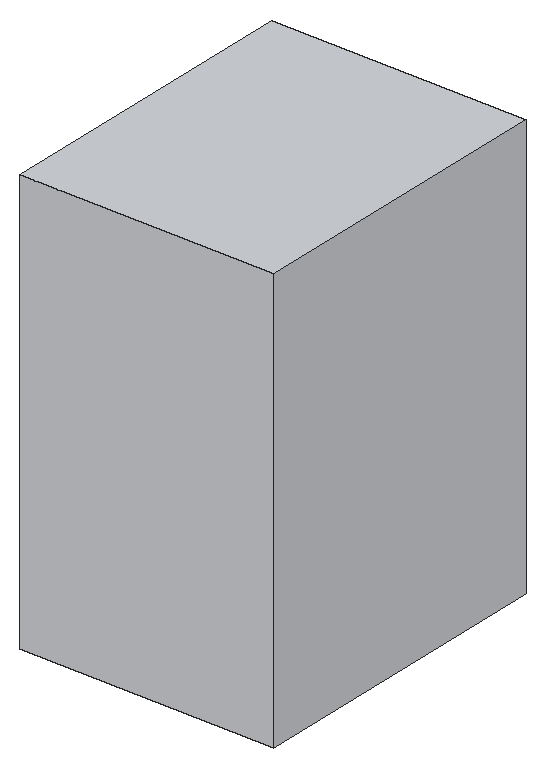
Revit family
Parameters
  box depth [instance] = 0' - 4"
  Warranty Duration (Years) = 0
  Unit Width [instance] = 0' - 0"
  Unit Height [instance] = 0' - 0"
  Unit Depth = 0' - 0"
  URL = "http://www.americanspecialties.com/viewCategories.cfm"
  Trim Material = Metal - Stainless Steel
  Test Data = ""
  Specification = "http://www.arcat.com/sdspecs/htm/10810asi.htm"
  SpecWizard = ""
  Send Message = "http://www.arcat.com/users.pl?action=UserEmail&company=American%20Specialties,%20Inc.&coid=30448&rep=139&fax=914-476-0688&mf="
  Sales Information = "http://www.americanspecialties.com/contact"
  Revision = "R1_10-2010"
  Product Properties = "http://www.americanspecialties.com/datasheets/04684-TM.pdf"
  Product Data = "http://www.arcat.com/arcatcos/cos30/arc30448.html"
  Model = "As Specified in 10 28 13"
  Manufacturer Website = "http://www.americanspecialties.com/viewCategories.cfm"
  Manufacturer Phone - Toll Free = ""
  Manufacturer Phone = "914-476-9000 "
  Manufacturer Fax = "914-476-0688"
  Manufacturer Address = "441 Saw Mill River Rd., Yonkers, NY 10701"
  Manufacturer = "American Specialties, Inc."
  Maintenance Schedule (Months) = 0
  Keynote = "10 28 13"
  Installation-Fabrication = "http://www.americanspecialties.com/products.cfm"
  Green Building-LEED = ""
  Expected Lifespan (Years) = 0
  Drawn By = "Robert S. Weygant. CSI, CDT, SCIP"  # constant formula
  Description = "Toilet Accessory as Specified in 10 28 13"
  Default Elevation = 4' - 0"
  Copyright = "©Arcat Inc."
  Construction Details = "http://www.arcat.com/green/clients/leed_data_30448.html"
  Building Codes = "http://www.americanspecialties.com/products.cfm"
  Body Material = Metal - Stainless Steel
  Assembly Code = "C1030210"
Reference planes (in)
  plane 1 "Center (Front/Back)": y = -0.29112
  plane 2 "Floor Line": z = 0
  plane 3 "Center (Left/Right)": x = -0.65843
Forms (in)
  Extrusion 1, solid
    sketch origin (-3, -9, -6) x (0, 0, -1) y (1, 0, 0)
      loop
        line (-82, 26) -> (-82, -19.34712) -> (-6, -19.34712) -> (-6, 26) -> (-82, 26)
    from 15.29112 to -41.06337
  Extrusion 2, solid, material "Metal - Stainless Steel" <- "Body Material"
    sketch origin (1.71391, 6.47993, 4) x (1, 0, 0) y (0, 1, 0)
      loop
        line (-9.99735, 16.85396) -> (-9.99735, -8.39604) -> (5.25265, -8.39604) -> (5.25265, 16.85396) -> (-9.99735, 16.85396)
    from -3.9375 to -4
  Extrusion 3, solid
    sketch origin (-0.65843, 10.625, 4) x (0, 1, 0) y (0, 0, 1)
      loop
        line (12.70888, 0) -> (12.64638, 0) -> (12.64638, -3.9375) -> (12.70888, -3.9375) -> (12.70888, 0)
    from -7.5625 to 7.5625
  Extrusion 4, solid, material "Metal - Stainless Steel" <- "Body Material"
    sketch origin (-0.65843, 10.79277, 4) x (0, -1, 0) y (0, 0, -1)
      loop
        line (12.70888, 0) -> (12.70888, 3.9375) -> (12.64638, 3.9375) -> (12.64638, 0) -> (12.70888, 0)
    from -7.5625 to 7.5625
  Extrusion 5, solid, material "Metal - Stainless Steel" <- "Body Material"
    sketch origin (-2.40843, 11, 4) x (0, 1, 0) y (0, 0, -1)
      loop
        line (12.33388, 0) -> (12.33388, 4) -> (-12.91612, 4) -> (-12.91612, 0) -> (12.33388, 0)
    from 5.8125 to 5.875
  Extrusion 6, solid, material "Metal - Stainless Steel" <- "Trim Material"
    sketch origin (0, 12.82676, 4) x (1, 0, 0) y (0, 1, 0)
      loop
        line (-3.65843, -7.55538) -> (-1.65843, -7.55538) -> (-1.65843, -7.05538) -> (-3.65843, -7.05538) -> (-3.65843, -7.55538)
      loop
        line (2.34157, -7.55538) -> (2.34157, -7.05538) -> (0.34157, -7.05538) -> (0.34157, -7.55538) -> (2.34157, -7.55538)
    from 0.5 to 0.5625
  Extrusion 7, solid, material "Metal - Stainless Steel" <- "Trim Material"
    sketch origin (1.05995, 12.5, 4) x (1, 0, 0) y (0, 1, 0)
      loop
        circle (3.90661, -9.85362) r 0.5
    from 0.5 to 0.5625
  Extrusion 8, solid, material "Metal - Stainless Steel" <- "Body Material"
    sketch origin (1.09157, 11, 4) x (0, 1, 0) y (0, 0, 1)
      loop
        line (12.33388, 0) -> (-12.91612, 0) -> (-12.91612, -4) -> (12.33388, -4) -> (12.33388, 0)
    from 5.8125 to 5.875
  Extrusion 9, solid, material "Metal - Stainless Steel" <- "Body Material"
    sketch origin (1.71391, 6.47993, 9.9375) x (0, -1, 0) y (1, 0, 0)
      loop
        line (-16.85396, -9.99735) -> (8.39604, -9.99735) -> (8.39604, 5.25265) -> (-16.85396, 5.25265) -> (-16.85396, -9.99735)
    from -5.9375 to -5.4375
  Extrusion 10, solid, material "Metal - Stainless Steel" <- "Body Material"
    sketch origin (0, 11, 4) x (1, 0, 0) y (0, 1, 0)
      loop
        line (-7.78343, -11.16612) -> (-7.78343, -12.79112) -> (6.46657, -12.79112) -> (6.46657, -11.16612) -> (-7.78343, -11.16612)
    from -3.9375 to 0.5
  Extrusion 11, solid, material "Metal - Stainless Steel" <- "Body Material"
    sketch origin (0, 11, 4) x (1, 0, 0) y (0, 1, 0)
      loop
        line (-8.28343, 12.33388) -> (-8.28343, -12.91612) -> (6.96657, -12.91612) -> (6.96657, 12.33388) -> (-8.28343, 12.33388)
      loop
        line (7.96657, 13.33388) -> (-9.28343, 13.33388) -> (-9.28343, -13.85362) -> (7.96657, -13.85362) -> (7.96657, 13.33388)
    from 0 to 0.5
  Extrusion 12, void
    sketch origin (1.05995, 11, 4) x (1, 0, 0) y (0, 1, 0)
      loop
        line (3.86196, -7.90577) -> (3.86196, -8.78695) -> (3.95127, -8.78695) -> (3.95127, -7.90577) -> (3.86196, -7.90577)
    from 0.5 to 0.5625
  Extrusion 13, solid, material "Metal - Stainless Steel" <- "Trim Material"
    sketch origin (1.05995, 8.91777, 4) x (1, 0, 0) y (0, 1, 0)
      loop
        circle (3.90661, 9.85362) r 0.5
    from 0.5 to 0.5625
  Extrusion 14, void
    sketch origin (1.05995, 10.41777, 4) x (1, 0, 0) y (0, 1, 0)
      loop
        line (3.86196, 7.90577) -> (3.95127, 7.90577) -> (3.95127, 8.78695) -> (3.86196, 8.78695) -> (3.86196, 7.90577)
    from 0.5 to 0.5625
  Extrusion 15, solid, material "Metal - Stainless Steel" <- "Trim Material"
    sketch origin (0.24673, 12.82676, 4) x (1, 0, 0) y (0, 1, 0)
      loop
        arc (-3.34267, -8.11788) -> (-3.38686, -8.13619) -> (-3.40517, -8.18038) r 0.0625
        line (-3.40517, -8.18038) -> (-3.40517, -11.05538)
        arc (-3.40517, -11.05538) -> (-3.38686, -11.09958) -> (-3.34267, -11.11788) r 0.0625
        line (-3.34267, -11.11788) -> (-2.46767, -11.11788)
        arc (-2.46767, -11.11788) -> (-2.42347, -11.09958) -> (-2.40517, -11.05538) r 0.0625
        line (-2.40517, -11.05538) -> (-2.40517, -8.18038)
        arc (-2.40517, -8.18038) -> (-2.42347, -8.13619) -> (-2.46767, -8.11788) r 0.0625
        line (-2.46767, -8.11788) -> (-3.34267, -8.11788)
      loop
        arc (-3.34267, -8.05538) -> (-3.43106, -8.09199) -> (-3.46767, -8.18038) r 0.125
        line (-3.46767, -8.18038) -> (-3.46767, -11.05538)
        arc (-3.46767, -11.05538) -> (-3.43106, -11.14377) -> (-3.34267, -11.18038) r 0.125
        line (-3.34267, -11.18038) -> (-2.46767, -11.18038)
        arc (-2.46767, -11.18038) -> (-2.37928, -11.14377) -> (-2.34267, -11.05538) r 0.125
        line (-2.34267, -11.05538) -> (-2.34267, -8.18038)
        arc (-2.34267, -8.18038) -> (-2.37928, -8.09199) -> (-2.46767, -8.05538) r 0.125
        line (-2.46767, -8.05538) -> (-3.34267, -8.05538)
    from 0.5 to 0.5625
  Extrusion 16, solid, material "Metal - Stainless Steel" <- "Body Material"
    sketch origin (-1.31687, 12.82676, 4) x (-1, 0, 0) y (0, -1, 0)
      loop
        arc (1.77907, 8.11788) -> (1.82326, 8.13619) -> (1.84157, 8.18038) r 0.0625
        line (1.84157, 8.18038) -> (1.84157, 11.05538)
        arc (1.84157, 11.05538) -> (1.82326, 11.09958) -> (1.77907, 11.11788) r 0.0625
        line (1.77907, 11.11788) -> (0.90407, 11.11788)
        arc (0.90407, 11.11788) -> (0.85987, 11.09958) -> (0.84157, 11.05538) r 0.0625
        line (0.84157, 11.05538) -> (0.84157, 8.18038)
        arc (0.84157, 8.18038) -> (0.85987, 8.13619) -> (0.90407, 8.11788) r 0.0625
        line (0.90407, 8.11788) -> (1.77907, 8.11788)
    from 0 to 0.5
  Extrusion 17, solid, material "Metal - Stainless Steel" <- "Body Material"
    sketch origin (-0.65843, 8.79277, 4) x (0, -1, 0) y (0, 0, -1)
      loop
        line (12.70888, 0) -> (12.70888, 3.9375) -> (12.64638, 3.9375) -> (12.64638, 0) -> (12.70888, 0)
    from -7.5625 to 7.5625
  Extrusion 18, solid, material "Metal - Stainless Steel" <- "Body Material"
    sketch origin (-0.65843, -5.33223, 4) x (0, -1, 0) y (0, 0, -1)
      loop
        line (12.70888, 0) -> (12.70888, 3.9375) -> (12.64638, 3.9375) -> (12.64638, 0) -> (12.70888, 0)
    from -7.5625 to 7.5625
  Extrusion 19, solid, material "Metal - Stainless Steel" <- "Body Material"
    sketch origin (-2.40843, -5.0625, 4) x (0, 1, 0) y (0, 0, -1)
      loop
        line (1.20888, 0) -> (1.20888, 4) -> (-12.97862, 4) -> (-12.97862, 0) -> (1.20888, 0)
    from 5.8125 to 5.875
  Extrusion 20, solid, material "Metal - Stainless Steel" <- "Body Material"
    sketch origin (1.09157, -5.0625, 4) x (0, 1, 0) y (0, 0, 1)
      loop
        line (1.20888, 0) -> (-12.97862, 0) -> (-12.97862, -4) -> (1.20888, -4) -> (1.20888, 0)
    from 5.8125 to 5.875
  Extrusion 21, solid, material "Metal - Stainless Steel" <- "Body Material"
    sketch origin (1.71391, -9.64507, 4) x (1, 0, 0) y (0, 1, 0)
      loop
        line (-9.99735, 5.79146) -> (-9.99735, -8.39604) -> (5.25265, -8.39604) -> (5.25265, 5.79146) -> (-9.99735, 5.79146)
    from -3.9375 to -4
  Extrusion 22, solid, material "Metal - Stainless Steel" <- "Body Material"
    sketch origin (0, 11.25, 4) x (1, 0, 0) y (0, 1, 0)
      loop
        line (-9.28343, -30.29112) -> (7.96657, -30.29112) -> (7.96657, -14.10362) -> (-9.28343, -14.10362) -> (-9.28343, -30.29112)
    from 0 to 0.5
  Extrusion 23, solid, material "Metal - Stainless Steel" <- "Body Material"
    sketch origin (0, 5.25, 4) x (1, 0, 0) y (0, 1, 0)
      loop
        line (-7.78343, -10.10362) -> (-7.78343, -15.10362) -> (6.46657, -15.10362) -> (6.46657, -10.10362) -> (-7.78343, -10.10362)
    from -3.9375 to 0.5
  Extrusion 24, void
    sketch origin (0, 5.25, 4) x (1, 0, 0) y (0, 1, 0)
      loop
        line (-7.75218, -10.11476) -> (-7.75218, -15.09675) -> (6.43532, -15.09675) -> (6.43532, -10.11476) -> (-7.75218, -10.11476)
    from -3.86363 to 0.5
  Extrusion 25, solid, material "Metal - Stainless Steel" <- "Body Material"
    sketch origin (0, 0, 4) x (1, 0, 0) y (0, 1, 0)
      loop
        line (-7.78343, -4.85362) -> (-7.78343, -9.85362) -> (6.46657, -9.85362) -> (6.46657, -4.85362) -> (-7.78343, -4.85362)
    from 0 to 0.5
  Extrusion 26, solid, material "Metal - Stainless Steel" <- "Trim Material"
    sketch origin (0, 0, 4) x (1, 0, 0) y (0, 1, 0)
      loop
        circle (4.6354, -8.63272) r 0.5
    from 0.5 to 0.5625
  Extrusion 27, solid, material "Metal - Stainless Steel" <- "Trim Material"
    sketch origin (1.05995, -3.5, 4) x (1, 0, 0) y (0, 1, 0)
      loop
        circle (3.90661, -9.85362) r 0.5
    from 0.5 to 0.5625
  Extrusion 28, void
    sketch origin (1.05995, -5, 4) x (1, 0, 0) y (0, 1, 0)
      loop
        line (3.86196, -7.90577) -> (3.86196, -8.78695) -> (3.95127, -8.78695) -> (3.95127, -7.90577) -> (3.86196, -7.90577)
    from 0.5 to 0.5625
  Extrusion 29, void
    sketch origin (0, 0, 0) x (1, 0, 0) y (0, 1, 0)
      loop
        arc (-3.12718, 1.80263) -> (-3.10888, 1.75844) -> (-3.06468, 1.74013) r 0.0625
        line (-3.06468, 1.74013) -> (-2.25218, 1.74013)
        arc (-2.25218, 1.74013) -> (-2.20799, 1.75844) -> (-2.18968, 1.80263) r 0.0625
        line (-2.18968, 1.80263) -> (-2.18968, 4.61513)
        arc (-2.18968, 4.61513) -> (-2.20799, 4.65933) -> (-2.25218, 4.67763) r 0.0625
        line (-2.25218, 4.67763) -> (-3.06468, 4.67763)
        arc (-3.06468, 4.67763) -> (-3.10888, 4.65933) -> (-3.12718, 4.61513) r 0.0625
        line (-3.12718, 4.61513) -> (-3.12718, 1.80263)
    from 4.5625 to 4.01754
  Extrusion 30, solid, material "Metal - Stainless Steel" <- "Trim Material"
    sketch origin (-1.5636, 12.82676, 4) x (-1, 0, 0) y (0, -1, 0)
      loop
        line (-3.34267, 8.11788) -> (-2.46767, 8.11788)
        arc (-2.46767, 8.11788) -> (-2.42347, 8.13619) -> (-2.40517, 8.18038) r 0.0625
        line (-2.40517, 8.18038) -> (-2.40517, 11.05538)
        arc (-2.40517, 11.05538) -> (-2.42347, 11.09958) -> (-2.46767, 11.11788) r 0.0625
        line (-2.46767, 11.11788) -> (-3.34267, 11.11788)
        arc (-3.34267, 11.11788) -> (-3.38686, 11.09958) -> (-3.40517, 11.05538) r 0.0625
        line (-3.40517, 11.05538) -> (-3.40517, 8.18038)
        arc (-3.40517, 8.18038) -> (-3.38686, 8.13619) -> (-3.34267, 8.11788) r 0.0625
      loop
        line (-3.34267, 8.05538) -> (-2.46767, 8.05538)
        arc (-2.46767, 8.05538) -> (-2.37928, 8.09199) -> (-2.34267, 8.18038) r 0.125
        line (-2.34267, 8.18038) -> (-2.34267, 11.05538)
        arc (-2.34267, 11.05538) -> (-2.37928, 11.14377) -> (-2.46767, 11.18038) r 0.125
        line (-2.46767, 11.18038) -> (-3.34267, 11.18038)
        arc (-3.34267, 11.18038) -> (-3.43106, 11.14377) -> (-3.46767, 11.05538) r 0.125
        line (-3.46767, 11.05538) -> (-3.46767, 8.18038)
        arc (-3.46767, 8.18038) -> (-3.43106, 8.09199) -> (-3.34267, 8.05538) r 0.125
    from 0.5 to 0.5625
  Extrusion 31, solid, material "Metal - Stainless Steel" <- "Body Material"
    sketch origin (0, 12.82676, 4) x (1, 0, 0) y (0, 1, 0)
      loop
        line (1.77907, -8.11788) -> (0.90407, -8.11788)
        arc (0.90407, -8.11788) -> (0.85987, -8.13619) -> (0.84157, -8.18038) r 0.0625
        line (0.84157, -8.18038) -> (0.84157, -11.05538)
        arc (0.84157, -11.05538) -> (0.85987, -11.09958) -> (0.90407, -11.11788) r 0.0625
        line (0.90407, -11.11788) -> (1.77907, -11.11788)
        arc (1.77907, -11.11788) -> (1.82326, -11.09958) -> (1.84157, -11.05538) r 0.0625
        line (1.84157, -11.05538) -> (1.84157, -8.18038)
        arc (1.84157, -8.18038) -> (1.82326, -8.13619) -> (1.77907, -8.11788) r 0.0625
    from 0 to 0.5
  Extrusion 32, void
    sketch origin (-1.31687, 0, 0) x (-1, 0, 0) y (0, -1, 0)
      loop
        line (-3.12718, -1.80263) -> (-3.12718, -4.61513)
        arc (-3.12718, -4.61513) -> (-3.10888, -4.65933) -> (-3.06468, -4.67763) r 0.0625
        line (-3.06468, -4.67763) -> (-2.25218, -4.67763)
        arc (-2.25218, -4.67763) -> (-2.20799, -4.65933) -> (-2.18968, -4.61513) r 0.0625
        line (-2.18968, -4.61513) -> (-2.18968, -1.80263)
        arc (-2.18968, -1.80263) -> (-2.20799, -1.75844) -> (-2.25218, -1.74013) r 0.0625
        line (-2.25218, -1.74013) -> (-3.06468, -1.74013)
        arc (-3.06468, -1.74013) -> (-3.10888, -1.75844) -> (-3.12718, -1.80263) r 0.0625
    from 4.5625 to 4.01754
  Extrusion 33, solid, material "Metal - Stainless Steel" <- "Body Material"
    sketch origin (0, 0, 0) x (1, 0, 0) y (0, 1, 0)
      loop
        line (-7.78343, -9.85362) -> (6.46657, -9.85362) -> (6.46657, -4.85362) -> (-7.78343, -4.85362) -> (-7.78343, -9.85362)
    from 4 to 4.5
  Extrusion 34, solid, material "Metal - Stainless Steel" <- "Body Material"
    sketch origin (0, 0, 0) x (1, 0, 0) y (0, 1, 0)
      loop
        line (-9.28343, 24.33388) -> (-9.28343, -19.04112) -> (7.96657, -19.04112) -> (7.96657, 24.33388) -> (-9.28343, 24.33388)
    from 0 to 4
  Extrusion 35, void
    sketch origin (-0.65843, 0, 0) x (0, 1, 0) y (0, 0, 1)
      loop
        line (-0.19737, 4.5) -> (-1.75987, 4.5) -> (-1.75987, 0.09375) -> (-0.19737, 0.09375) -> (-0.19737, 4.5)
    from -7.09375 to 7.10211
Cuts and joins
  Extrusion 29, Extrusion 32, Extrusion 35 cuts Extrusion 9
  Extrusion 29, Extrusion 32, Extrusion 35 cuts Extrusion 11
  Extrusion 12 cuts Extrusion 7
  Extrusion 14 cuts Extrusion 13
  Extrusion 24 cuts Extrusion 22
  Extrusion 24 cuts Extrusion 23
  Extrusion 24 cuts Extrusion 25
  Extrusion 24 cuts Extrusion 26
  Extrusion 28 cuts Extrusion 27
  Extrusion 29 cuts Extrusion 2
  Extrusion 29, Extrusion 32 cuts Extrusion 16
  Extrusion 32 cuts Extrusion 15
  Extrusion 32 cuts Extrusion 30
  Extrusion 32 cuts Extrusion 31
  Extrusion 35 cuts Extrusion 10
  Extrusion 35 cuts Extrusion 34
Dimensions and locks (in)
  locked: Extrusion 8 to Extrusion 8 at 0.0625
  aligned and locked: Extrusion 1 to level
  aligned and locked: Extrusion 4 to Extrusion 2
  aligned and locked: Extrusion 3 to Extrusion 2
  aligned and locked: Extrusion 4 to Extrusion 5
  aligned and locked: Extrusion 3 to Extrusion 5
  aligned and locked: Extrusion 2 to Extrusion 5  (x2)
  aligned and locked: Extrusion 3 to Extrusion 8
  aligned and locked: Extrusion 5 to Extrusion 4
  aligned and locked: Extrusion 4 to Extrusion 8  (x2)
  aligned and locked: Extrusion 2 to Extrusion 8  (x2)
  aligned and locked: Extrusion 2 to Extrusion 3
  aligned and locked: Extrusion 2 to Extrusion 4
  aligned and locked: Extrusion 10 to Extrusion 2
  aligned and locked: Extrusion 5 to Extrusion 2
  aligned and locked: Extrusion 17 to Extrusion 19
  aligned and locked: Extrusion 19 to Extrusion 18
  aligned and locked: Extrusion 21 to Extrusion 17
  aligned and locked: Extrusion 21 to Extrusion 18
  aligned and locked: Extrusion 11 to Extrusion 22
  aligned and locked: cut or joined group of Extrusion 23, Extrusion 24 to Extrusion 33 sketch curve
  aligned and locked: Extrusion 33 sketch curve to cut or joined group of Extrusion 23, Extrusion 24  (x3)
  aligned and locked: Extrusion 33 to cut or joined group of Extrusion 9, Extrusion 29, Extrusion 32, Extrusion 35
  aligned and locked: Extrusion 4 to Extrusion 33
  aligned and locked: Extrusion 34 to Extrusion 4
